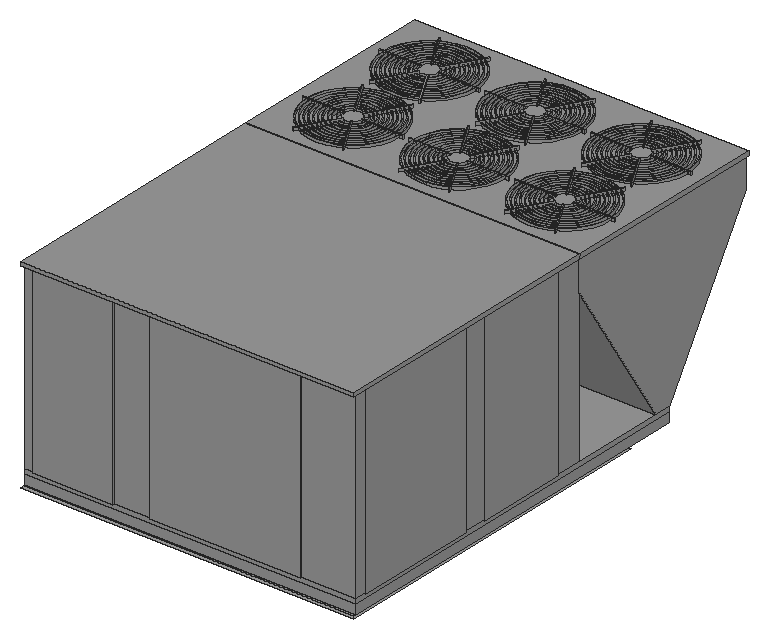
Revit family "RTU-1", category Mechanical Equipment, host Face, Revit 2025
Family settings
  Host = Face
  Round Connector Dimension = Use Diameter
  Classification = None
  Part Type = Normal
  Cut with Voids When Loaded = No
  Maintain Annotation Orientation = Yes
  Shared = No
  Room Calculation Point = No
Parameters (values of type "LCH 240 H4B K 1Y")
  URL = "https://tech.lennoxintl.com/C03e7o14l/VIu12Ch2uV/ehb_lch_cbox_2109.pdf"
  Supply Flow [instance] = 0 CFM
  Return Flow [instance] = 0 CFM
  Model = "LCH 240 H4B K 1Y"
  Material = Aluminum 1100-O
  Manufacturer = "LENNOX"
  Grill Material = Steel, Paint Finish, Dark Gray
  Default Elevation = 48"
Reference planes (in)
  plane 1 "Center (Front/Back)": y = 0
  plane 2: z = 0
  plane 3 "Center (Left/Right)": x = 0
  plane 4: z = 45.1875
  plane 5: y = 48.375
  plane 6: x = -30.90625
  plane 7: x = -31.90625
  plane 8: x = -32.90625
  plane 9: x = -33.90625
  plane 10: x = -34.90625
  plane 11: x = -35.90625
  plane 12: x = -36.90625
  plane 13: x = -37.90625
  plane 14: x = -38.90625
  plane 15: x = -39.90625
  plane 16: x = -40.90625
  plane 17: x = -42.34375
  plane 18: x = -41.03125
  plane 19: x = -14.71875
  plane 20: x = -16.03125
  plane 21: y = 52.625
  plane 22: y = 50.5
  plane 23: y = 22.25
  plane 24: y = 78.9375
  plane 25: y = 50.59375
  plane 26: through (-36.72095, 26.43528, 110.75) normal (0.5, 0.866, 0)
  plane 27: through (-34.78125, 26.83093, 110.75) normal (-0.5, -0.866, 0)
  plane 28: through (-20.34155, 26.43528, 110.75) normal (0.5, -0.866, 0)
  plane 29: through (-22.28125, 26.83093, 110.75) normal (-0.5, 0.866, 0)
  plane 30: through (-36.72095, 48.87722, 110.75) normal (-0.5, 0.866, 0)
  plane 31: through (-34.78125, 48.48157, 110.75) normal (0.5, -0.866, 0)
  plane 32: through (-20.34155, 48.87722, 110.75) normal (-0.5, -0.866, 0)
  plane 33: through (-22.28125, 48.48157, 110.75) normal (0.5, 0.866, 0)
  plane 34: x = -33.3125
  plane 35: x = 2.1875
  plane 36: y = -10.625
  plane 37: y = -10.625
  plane 38: x = -45
  plane 39: x = 45
  plane 40: y = -53.8125
Forms (in)
  Extrusion 1, solid, material "Aluminum 1100-O" <- "Material"
    sketch origin (0, 0, 0) x (1, 0, 0) y (0, 1, 0)
      loop
        line (-44.5625, 22.25) -> (-44.5625, -52.75) -> (44.5625, -52.75) -> (44.5625, 22.25) -> (-44.5625, 22.25)
    from 4.125 to 53.5625
  Extrusion 2, solid, material "Aluminum 1100-O" <- "Material"
    sketch origin (0, 0, -50.125) x (1, 0, 0) y (0, 1, 0)
      loop
        line (-44.5625, 52.75) -> (-44.5625, -52.75) -> (44.5625, -52.75) -> (44.5625, 52.75) -> (-44.5625, 52.75)
    from 53.0625 to 54.25
  Extrusion 3, solid, material "Aluminum 1100-O" <- "Material"
    sketch origin (0, 0, -51.3125) x (1, 0, 0) y (0, 1, 0)
      loop
        line (-44.5625, 52.75) -> (-44.5625, -52.75) -> (44.5625, -52.75) -> (44.5625, 52.75) -> (-44.5625, 52.75)
    from 51.6875 to 54.25
  Blend 4, solid, material "Aluminum 1100-O" <- "Material"
    base sketch origin (0, 0, 0) x (1, 0, 0) y (0, 1, 0)
      loop
        line (-45, 39.41026) -> (-45, -53.8125) -> (45, -53.8125) -> (45, 39.41026) -> (-45, 39.41026)
    top sketch origin (0, 0, 0) x (1, 0, 0) y (0, 1, 0)
      loop
        line (-44.5625, 38.91026) -> (-44.5625, -53.3125) -> (44.5625, -53.3125) -> (44.5625, 38.91026) -> (-44.5625, 38.91026)
    from 0 to 0.375
  Extrusion 5, solid, material "Aluminum 1100-O" <- "Material"
    sketch origin (0, 0, 0) x (0, 1, 0) y (0, 0, 1)
      loop
        line (48.375, 4.125) -> (52.625, 4.125) -> (78.75, 45.1875) -> (78.75, 53.5625) -> (22.25, 53.5625) -> (22.25, 45.1875) -> (48.375, 4.125)
    from -44.5625 to 44.5625
  Extrusion 6, solid, material "Aluminum 1100-O" <- "Material"
    sketch origin (0, 0, 0) x (1, 0, 0) y (0, 1, 0)
      loop
        line (-45, 22.25) -> (-45, -53.8125) -> (45, -53.8125) -> (45, 22.25) -> (-45, 22.25)
    from 53.5625 to 54.625
  Extrusion 7, solid, material "Aluminum 1100-O" <- "Material"
    sketch origin (0, 75.3125, 0) x (1, 0, 0) y (0, 1, 0)
      loop
        line (-45, 3.625) -> (-45, -53.0625) -> (45, -53.0625) -> (45, 3.625) -> (-45, 3.625)
    from 53.5625 to 54.625
  Extrusion 8, solid, material "Steel, Paint Finish, Dark Gray" <- "Grill Material", not visible
    sketch origin (0, 0, 54.625) x (1, 0, 0) y (0, 1, 0)
      loop
        circle (-28.53125, 37.65625) r 2.375
      loop
        circle (-28.53125, 37.65625) r 3.375
      loop
        circle (-28.53125, 37.65625) r 3.5
      loop
        circle (-28.53125, 37.65625) r 4.375
      loop
        circle (-28.53125, 37.65625) r 5.25
      loop
        circle (-28.53125, 37.65625) r 4.5
      loop
        circle (-28.53125, 37.65625) r 5.375
      loop
        circle (-28.53125, 37.65625) r 6.375
      loop
        circle (-28.53125, 37.65625) r 7.375
      loop
        circle (-28.53125, 37.65625) r 9.375
      loop
        circle (-28.53125, 37.65625) r 10.375
      loop
        circle (-28.53125, 37.65625) r 11.375
      loop
        circle (-28.53125, 37.65625) r 12.375
      loop
        circle (-28.53125, 37.65625) r 12.5
      loop
        circle (-28.53125, 37.65625) r 7.5
      loop
        circle (-28.53125, 37.65625) r 9.5
      loop
        circle (-28.53125, 37.65625) r 10.5
      loop
        circle (-28.53125, 37.65625) r 11.5
      loop
        circle (-28.53125, 37.65625) r 8.375
      loop
        circle (-28.53125, 37.65625) r 8.5
      loop
        circle (-28.53125, 37.65625) r 6.5
    from 0 to 0.625
  Extrusion 9, solid, material "Steel, Paint Finish, Dark Gray" <- "Grill Material", not visible
    sketch origin (0, 0, 55.75) x (1, 0, 0) y (0, 1, 0)
      loop
        line (-42.34375, 37.78125) -> (-42.34375, 37.53125) -> (-30.90296, 37.53125)
        arc (-30.90296, 37.53125) -> (-30.90543, 37.59373) -> (-30.90625, 37.65625) r 2.375
        arc (-30.90625, 37.65625) -> (-30.90543, 37.71877) -> (-30.90296, 37.78125) r 2.375
        line (-30.90296, 37.78125) -> (-42.34375, 37.78125)
    from -1.125 to -0.3427
  Extrusion 10, solid, material "Steel, Paint Finish, Dark Gray" <- "Grill Material", not visible
    sketch origin (-57.0625, 0, 55.75) x (-1, 0, 0) y (0, -1, 0)
      loop
        line (-42.34375, -37.78125) -> (-30.90296, -37.78125)
        arc (-30.90296, -37.78125) -> (-30.90543, -37.71877) -> (-30.90625, -37.65625) r 2.375
        arc (-30.90625, -37.65625) -> (-30.90543, -37.59373) -> (-30.90296, -37.53125) r 2.375
        line (-30.90296, -37.53125) -> (-42.34375, -37.53125) -> (-42.34375, -37.78125)
    from -1.125 to -0.3427
  Extrusion 11, void
    sketch origin (0, 0, 0) x (1, 0, 0) y (0, 1, 0)
      loop
        line (-40.75, 19.4375) -> (-40.75, -40.5625) -> (-25.75, -40.5625) -> (-25.75, 19.4375) -> (-40.75, 19.4375)
      loop
        line (12.25, -40.5625) -> (12.25, 19.4375) -> (-7.75, 19.4375) -> (-7.75, -40.5625) -> (12.25, -40.5625)
      loop
        line (33.0625, -44.8125) -> (33.0625, -49.8125) -> (41.0625, -49.8125) -> (41.0625, -44.8125) -> (33.0625, -44.8125)
    from 0 to 12
  Extrusion 12, solid, material "Steel, Paint Finish, Dark Gray" <- "Grill Material", not visible
    sketch origin (-69.2853, 7.05684, 55.75) x (0.5, -0.866025, 0) y (0.866025, 0.5, 0)
      loop
        line (0.67515, 38.56927) -> (0.89166, 38.69427) -> (-4.82874, 48.60229)
        arc (-4.82874, 48.60229) -> (-4.88161, 48.56891) -> (-4.93534, 48.53694) r 2.375
        arc (-4.93534, 48.53694) -> (-4.9899, 48.50639) -> (-5.04524, 48.47729) r 2.375
        line (-5.04524, 48.47729) -> (0.67515, 38.56927)
    from -1.125 to -0.3427
  Extrusion 13, solid, material "Steel, Paint Finish, Dark Gray" <- "Grill Material", not visible
    sketch origin (12.2228, 7.05684, 55.75) x (-0.5, -0.866025, 0) y (0.866025, -0.5, 0)
      loop
        line (0.67515, -48.47729) -> (-5.04524, -48.47729)
        arc (-5.04524, -48.47729) -> (-4.9899, -48.50639) -> (-4.93534, -48.53694) r 2.375
        arc (-4.93534, -48.53694) -> (-4.88161, -48.56891) -> (-4.82874, -48.60229) r 2.375
        line (-4.82874, -48.60229) -> (0.67515, -48.60229) -> (0.67515, -48.47729)
    from -1.125 to -0.3427
  Extrusion 14, solid, material "Steel, Paint Finish, Dark Gray" <- "Grill Material", not visible
    sketch origin (-69.2853, 120.00566, 55.75) x (0.5, 0.866025, 0) y (-0.866025, 0.5, 0)
      loop
        line (-44.14166, -74.35229) -> (-49.86206, -74.35229)
        arc (-49.86206, -74.35229) -> (-49.80671, -74.38139) -> (-49.75216, -74.41194) r 2.375
        arc (-49.75216, -74.41194) -> (-49.69842, -74.44391) -> (-49.64555, -74.47729) r 2.375
        line (-49.64555, -74.47729) -> (-44.14166, -74.47729) -> (-44.14166, -74.35229)
    from -1.125 to -0.3427
  Extrusion 15, solid, material "Steel, Paint Finish, Dark Gray" <- "Grill Material", not visible
    sketch origin (12.2228, 120.00566, 55.75) x (-0.5, 0.866025, 0) y (-0.866025, -0.5, 0)
      loop
        line (-44.14166, 64.44427) -> (-43.92515, 64.56927) -> (-49.64555, 74.47729)
        arc (-49.64555, 74.47729) -> (-49.69842, 74.44391) -> (-49.75216, 74.41194) r 2.375
        arc (-49.75216, 74.41194) -> (-49.80671, 74.38139) -> (-49.86206, 74.35229) r 2.375
        line (-49.86206, 74.35229) -> (-44.14166, 64.44427)
    from -1.125 to -0.3427
Cuts and joins
  Extrusion 11 cuts Extrusion 2
  Extrusion 11 cuts Extrusion 3
  Extrusion 11 cuts Blend 4
  Extrusion 11 cuts Extrusion 1
Dimensions and locks (in)
  equal spacing: Extrusion 1 sketch curve, plane 3 "Center (Left/Right)", Extrusion 1 sketch curve
  plane 3 "Center (Left/Right)" to Extrusion 1 sketch curve = 44 9/16"
  Extrusion 1 sketch curve to Extrusion 1 sketch curve = 89 1/8"
  plane 1 "Center (Front/Back)" to Extrusion 1 sketch curve = 52 3/4"
  Extrusion 1 sketch curve to Extrusion 1 sketch curve = 75"
  Extrusion 1 to nested 1 = 3 1/8"  (x2)
  nested 1 to nested 2 = 6 3/8"
  Extrusion 2 sketch curve to Extrusion 2 sketch curve = 89 1/8"  (x2)
  Extrusion 2 sketch curve to Extrusion 2 sketch curve = 105 1/2"  (x2)
  Extrusion 3 sketch curve to Extrusion 3 sketch curve = 89 1/8"  (x2)
  Extrusion 3 sketch curve to Extrusion 3 sketch curve = 105 1/2"  (x2)
  nested 1 to nested 1 = 33 1/2"
  Extrusion 6 to Extrusion 11 sketch curve = 4 1/4"
  Extrusion 11 sketch curve to Extrusion 6 = 13 1/4"
  Extrusion 11 sketch curve to Extrusion 11 sketch curve = 60"
  plane 23 to Extrusion 6 = 76 1/16"
  plane 24 to Extrusion 6 = 132 3/4"
  equal spacing: plane 24, plane 25, plane 23
  cut or joined group of Extrusion 1, Extrusion 11 to plane 34 to cut or joined group of Extrusion 1, Extrusion 11 = 7 7/16", 7 9/16"
  plane 35 to cut or joined group of Extrusion 1, Extrusion 11 = 10 1/16"
  equal spacing: plane 38, plane 3 "Center (Left/Right)", plane 39
  plane 3 "Center (Left/Right)" to plane 39 = 45"
  plane 24 to plane 40 = 132 3/4"
  aligned and locked: host face to plane 2
  aligned and locked: host face to level
Automatic sketch dimensions
  host sketch curve to host sketch curve = 306.31449"
  host sketch curve to host sketch curve = 326.2252"
  plane 1 "Center (Front/Back)" to Extrusion 2 sketch curve = 52 3/4"
  plane 1 "Center (Front/Back)" to Extrusion 3 sketch curve = 52 3/4"
  Extrusion 5 sketch curve to plane 4 = 0"
  Extrusion 5 sketch curve to plane 23 = 0"
  Extrusion 5 sketch curve to plane 5 = 0"
  Extrusion 5 sketch curve to plane 21 = 0"
  plane 4 to Extrusion 5 sketch curve = 0"
  Extrusion 5 sketch curve to plane 24 = 3/16"
  level to Extrusion 5 sketch curve = 4 1/8"
  Extrusion 5 sketch curve to Extrusion 5 sketch curve = 8 3/8"
  Extrusion 11 sketch curve to plane 23 = 2 13/16"
  Extrusion 11 sketch curve to Extrusion 11 sketch curve = 20 13/16"
  Extrusion 11 sketch curve to Extrusion 11 sketch curve = 8"
  Extrusion 11 sketch curve to Extrusion 11 sketch curve = 4 1/4"
  Extrusion 11 sketch curve to Extrusion 11 sketch curve = 5"
  Extrusion 8 sketch curve to Extrusion 8 sketch curve = 0"  (x250)
  Extrusion 9 sketch curve to plane 17 = 0"
  Extrusion 10 sketch curve to plane 19 = 0"
  Extrusion 8 sketch curve to plane 6 = 2 3/8"
  Extrusion 9 sketch curve to Extrusion 9 sketch curve = 0"  (x4)
  Extrusion 9 sketch curve to plane 18 = 10.12829"
  Extrusion 9 sketch curve to Extrusion 9 sketch curve = 2.37171"
  Extrusion 10 sketch curve to Extrusion 10 sketch curve = 0"  (x4)
  Extrusion 10 sketch curve to plane 20 = 10.12829"
  Extrusion 10 sketch curve to Extrusion 10 sketch curve = 2.37171"
  Extrusion 12 sketch curve to Extrusion 12 sketch curve = 0"  (x4)
  Extrusion 12 sketch curve to plane 27 = 10.12829"
  Extrusion 13 sketch curve to Extrusion 13 sketch curve = 0"  (x4)
  Extrusion 13 sketch curve to plane 29 = 10.12829"
  Extrusion 14 sketch curve to Extrusion 14 sketch curve = 0"  (x4)
  Extrusion 14 sketch curve to plane 31 = 10.12829"
  Extrusion 15 sketch curve to Extrusion 15 sketch curve = 0"  (x4)
  Extrusion 15 sketch curve to plane 33 = 10.12829"
  Extrusion 9 sketch curve to Extrusion 9 sketch curve = 1/8"
  Extrusion 10 sketch curve to Extrusion 10 sketch curve = 1/8"
  Extrusion 2 sketch curve to plane 3 "Center (Left/Right)" = 44 9/16"
  Extrusion 3 sketch curve to plane 3 "Center (Left/Right)" = 44 9/16"
  Extrusion 12 sketch curve to Extrusion 12 sketch curve = 1.0776"
  Extrusion 12 sketch curve to Extrusion 12 sketch curve = 0.21651"
  Extrusion 12 sketch curve to Extrusion 12 sketch curve = 9.96767"
  Extrusion 13 sketch curve to Extrusion 13 sketch curve = 1.0776"
  Extrusion 13 sketch curve to Extrusion 13 sketch curve = 0.21651"
  Extrusion 13 sketch curve to Extrusion 13 sketch curve = 0.06535"
  Extrusion 14 sketch curve to Extrusion 14 sketch curve = 1.0776"
  Extrusion 14 sketch curve to Extrusion 14 sketch curve = 0.21651"
  Extrusion 14 sketch curve to Extrusion 14 sketch curve = 0.06535"
  Extrusion 15 sketch curve to Extrusion 15 sketch curve = 1.0776"
  Extrusion 15 sketch curve to Extrusion 15 sketch curve = 0.21651"
  Extrusion 15 sketch curve to Extrusion 15 sketch curve = 9.96767"
  Extrusion 11 sketch curve to Extrusion 11 sketch curve = 15"
  plane 3 "Center (Left/Right)" to Extrusion 11 sketch curve = 12 1/4"
  Extrusion 11 sketch curve to plane 3 "Center (Left/Right)" = 7 3/4"
  Extrusion 11 sketch curve to Extrusion 11 sketch curve = 0"
  plane 38 to Blend 4 sketch curve = 7/16"
  plane 39 to Blend 4 sketch curve = 7/16"
  plane 40 to Blend 4 sketch curve = 1/2"
  Blend 4 sketch curve to plane 25 = 11.68349"
  Blend 4 sketch curve to plane 38 = 0"
  Blend 4 sketch curve to plane 39 = 0"
  Blend 4 sketch curve to plane 40 = 0"
  Blend 4 sketch curve to plane 25 = 11.18349"
  Extrusion 6 sketch curve to plane 38 = 0"
  Extrusion 6 sketch curve to plane 39 = 0"
  Extrusion 6 sketch curve to plane 40 = 0"
  Extrusion 6 sketch curve to plane 23 = 0"
  Extrusion 7 sketch curve to plane 23 = 0"
  Extrusion 7 sketch curve to plane 38 = 0"
  Extrusion 7 sketch curve to plane 39 = 0"
  Extrusion 7 sketch curve to plane 24 = 0"
  radius of Extrusion 8 sketch curve = 2 3/8"
  radius of Extrusion 8 sketch curve = 3 3/8"
  radius of Extrusion 8 sketch curve = 3 1/2"
  radius of Extrusion 8 sketch curve = 4 3/8"
  radius of Extrusion 8 sketch curve = 5 1/4"
  radius of Extrusion 8 sketch curve = 4 1/2"
  radius of Extrusion 8 sketch curve = 5 3/8"
  radius of Extrusion 8 sketch curve = 6 3/8"
  radius of Extrusion 8 sketch curve = 7 3/8"
  radius of Extrusion 8 sketch curve = 9 3/8"
  radius of Extrusion 8 sketch curve = 10 3/8"
  radius of Extrusion 8 sketch curve = 11 3/8"
  radius of Extrusion 8 sketch curve = 12 3/8"
  radius of Extrusion 8 sketch curve = 12 1/2"
  radius of Extrusion 8 sketch curve = 7 1/2"
  radius of Extrusion 8 sketch curve = 9 1/2"
  radius of Extrusion 8 sketch curve = 10 1/2"
  radius of Extrusion 8 sketch curve = 11 1/2"
  radius of Extrusion 8 sketch curve = 8 3/8"
  radius of Extrusion 8 sketch curve = 8 1/2"
  radius of Extrusion 8 sketch curve = 6 1/2"
Nested families (in)
  nested 1: "Panel" at (44.5625, -32.875, 28.84375) x (0, 1, 0) z (1, 0, 0), type "Panel"
    with Width 33 1/2", Length 49 7/16"
  nested 2: "Panel" at (44.5625, 2.6875, 28.84375) x (0, 1, 0) z (1, 0, 0), type "Panel"
    with Width 24 7/8", Length 49 7/16"
  nested 3: "Panel" at (-44.5625, -32.875, 28.84375) x (0, 1, 0) z (-1, 0, 0), type "Panel"
    with Width 33 1/2", Length 49 7/16"
  nested 4: "Panel" at (-44.5625, 2.6875, 28.84375) x (0, 1, 0) z (-1, 0, 0), type "Panel"
    with Width 24 7/8", Length 49 7/16"
  nested 5: "Panel" at (-31.46875, -52.75, 28.84375) x (1, 0, 0) z (0, -1, 0), type "Panel"
    with Width 21 9/16", Length 49 7/16"
  nested 6: "Panel" at (9.46875, -52.75, 28.84375) x (1, 0, 0) z (0, -1, 0), type "Panel"
    with Width 40 11/16", Length 49 7/16"
  nested 7: "Family1" at (-28.53125, 37.65625, 54.625), type "Family1"
  nested 8: "Family1" at (-28.53125, 63.4375, 54.625), type "Family1"
  nested 9: "Family1" at (0, 63.4375, 54.625), type "Family1"
  nested 10: "Family1" at (0, 37.65625, 54.625), type "Family1"
  nested 11: "Family1" at (28.5625, 37.65625, 54.625), type "Family1"
  nested 12: "Family1" at (28.5625, 63.4375, 54.625), type "Family1"
Connectors (in)
  hvac at (-33.25, -10.5625, 12), driven by "Return Flow"
    settings: on cut or joined group of Extrusion 1, Extrusion 11, index 1, duct flow 0 CFM, flow factor 0, pres drop 0.00 in-wg, loss coef 0, conn angle 0.00°, conn width 60", conn height 15", conn diameter 24", duct sys type 2, conn prof type 1, flow config 0, flow direction 1, loss method 4, conn ref index -1, conn util no, is conn primary no, conn desc "return"
  hvac at (2.25, -10.5625, 12), driven by "Supply Flow"
    settings: on cut or joined group of Extrusion 1, Extrusion 11, index 2, duct flow 0 CFM, flow factor 0, pres drop 0.00 in-wg, loss coef 0, conn angle 0.00°, conn width 60", conn height 20", conn diameter 24", duct sys type 1, conn prof type 1, flow config 0, flow direction 2, loss method 4, conn ref index -1, conn util no, is conn primary yes, conn desc "supply"
Definition of nested family "Panel"
  Parameters (values of type "Panel")
    Width [instance] = 21 9/16"
    Material = none
    Length [instance] = 49 7/16"
    Default Elevation = 48"
  Reference planes (in)
    plane 1 "Center (Front/Back)": y = 0
    plane 2: z = 0
    plane 3 "Center (Left/Right)": x = 0
    plane 4: z = 0.25
    plane 5: x = -10.78125
    plane 6: x = 10.78125
    plane 7: y = 24.71875
    plane 8: y = -24.71875
  Forms (in)
    Extrusion 1, solid
      sketch origin (0, 0, 0) x (1, 0, 0) y (0, 1, 0)
        loop
          line (-48, 48) -> (-48, -48) -> (48, -48) -> (48, 48) -> (-48, 48)
      from 0 to -12
    Extrusion 2, solid, material <- "Material"
      sketch origin (0, 0, 0) x (1, 0, 0) y (0, 1, 0)
        loop
          line (-10.78125, 24.71875) -> (-10.78125, -24.71875) -> (10.78125, -24.71875) -> (10.78125, 24.71875) -> (-10.78125, 24.71875)
      from 0 to 0.25
  Dimensions and locks (in)
    plane 4 to plane 2 = 1/4"
    equal spacing: plane 5, plane 3 "Center (Left/Right)", plane 6
    equal spacing: plane 7, plane 1 "Center (Front/Back)", plane 8
    "Length": plane 7 to plane 8
    "Width": plane 5 to plane 6
    aligned and locked: plane 2 to Extrusion 1
    aligned and locked: level to Extrusion 1
    aligned and locked: plane 4 to Extrusion 2
    aligned and locked: Extrusion 2 to plane 6
    aligned and locked: Extrusion 2 to plane 5
    aligned and locked: plane 8 to Extrusion 2
    aligned and locked: plane 7 to Extrusion 2
  Automatic sketch dimensions
    Extrusion 1 sketch curve to Extrusion 1 sketch curve = 96"  (x2)
    plane 5 to Extrusion 2 sketch curve = 0"
    Extrusion 2 sketch curve to plane 6 = 0"
    plane 1 "Center (Front/Back)" to Extrusion 2 sketch curve = 24 23/32"
    Extrusion 2 sketch curve to plane 1 "Center (Front/Back)" = 24 23/32"
Definition of nested family "Family1"
  Parameters
    Grill Material = none
    Default Elevation = 48"
  Reference planes (in)
    plane 1 "Center (Front/Back)": y = 0
    plane 2: z = 0
    plane 3 "Center (Left/Right)": x = 0
    plane 4: x = -2.375
    plane 5: x = -3.375
    plane 6: x = -4.375
    plane 7: x = -5.375
    plane 8: x = -6.375
    plane 9: x = -7.375
    plane 10: x = -8.375
    plane 11: x = -9.375
    plane 12: x = -10.375
    plane 13: x = -11.375
    plane 14: x = -12.375
    plane 15: x = -13.50144
    plane 16: x = -12.18894
    plane 17: x = -12.49937
    plane 18: through (-5.46727, 12.43359, 1.5) normal (0.5, -0.866, 0)
    plane 19: through (-6.09447, 10.55593, 1.5) normal (-0.5, 0.866, 0)
    plane 20: through (8.03417, 10.95159, 1.5) normal (-0.5, -0.866, 0)
    plane 21: through (6.09447, 10.55593, 1.5) normal (0.5, 0.866, 0)
    plane 22: through (-5.46727, -12.43359, 1.5) normal (-0.5, -0.866, 0)
    plane 23: through (-6.09447, -10.55593, 1.5) normal (0.5, 0.866, 0)
    plane 24: through (8.03417, -10.95159, 1.5) normal (0.5, -0.866, 0)
    plane 25: through (6.09447, -10.55593, 1.5) normal (-0.5, 0.866, 0)
    plane 26: x = 13.50144
    plane 27: x = 12.18894
  Forms (in)
    Extrusion 1, solid
      sketch origin (0, 0, 0) x (1, 0, 0) y (0, 1, 0)
        loop
          line (-48, 48) -> (-48, -48) -> (48, -48) -> (48, 48) -> (-48, 48)
      from 0 to -12
    Extrusion 2, solid, material <- "Grill Material"
      sketch origin (28.53125, -37.65625, 0) x (1, 0, 0) y (0, 1, 0)
        loop
          circle (-28.53125, 37.65625) r 2.375
        loop
          circle (-28.53125, 37.65625) r 3.375
        loop
          circle (-28.53125, 37.65625) r 3.5
        loop
          circle (-28.53125, 37.65625) r 4.375
        loop
          circle (-28.53125, 37.65625) r 5.25
        loop
          circle (-28.53125, 37.65625) r 4.5
        loop
          circle (-28.53125, 37.65625) r 5.375
        loop
          circle (-28.53125, 37.65625) r 6.375
        loop
          circle (-28.53125, 37.65625) r 7.375
        loop
          circle (-28.53125, 37.65625) r 9.375
        loop
          circle (-28.53125, 37.65625) r 10.375
        loop
          circle (-28.53125, 37.65625) r 11.375
        loop
          circle (-28.53125, 37.65625) r 12.375
        loop
          circle (-28.53125, 37.65625) r 12.5
        loop
          circle (-28.53125, 37.65625) r 7.5
        loop
          circle (-28.53125, 37.65625) r 9.5
        loop
          circle (-28.53125, 37.65625) r 10.5
        loop
          circle (-28.53125, 37.65625) r 11.5
        loop
          circle (-28.53125, 37.65625) r 8.375
        loop
          circle (-28.53125, 37.65625) r 8.5
        loop
          circle (-28.53125, 37.65625) r 6.5
      from 0 to 0.625
    Extrusion 3, solid, material <- "Grill Material"
      sketch origin (-91.38265, -5.88066, 1.125) x (-0.5, -0.866025, 0) y (0.866025, -0.5, 0)
        loop
          line (-44.14269, 64.44607) -> (-43.92619, 64.57107) -> (-49.49111, 74.20979)
          arc (-49.49111, 74.20979) -> (-49.52878, 74.18662) -> (-49.56687, 74.16415) r 2.375
          arc (-49.56687, 74.16415) -> (-49.63756, 74.12493) -> (-49.70954, 74.08813) r 2.375
          line (-49.70954, 74.08813) -> (-44.14269, 64.44607)
      from -1.125 to -0.3427
    Extrusion 4, solid, material <- "Grill Material"
      sketch origin (-50.78413, 76.19937, 1.125) x (-1, 0, 0) y (0, -1, 0)
        loop
          line (-44.14269, 64.44607) -> (-43.92619, 64.57107) -> (-49.49111, 74.20979)
          arc (-49.49111, 74.20979) -> (-49.52878, 74.18662) -> (-49.56687, 74.16415) r 2.375
          arc (-49.56687, 74.16415) -> (-49.63756, 74.12493) -> (-49.70954, 74.08813) r 2.375
          line (-49.70954, 74.08813) -> (-44.14269, 64.44607)
      from -1.125 to -0.3427
    Extrusion 5, solid, material <- "Grill Material"
      sketch origin (40.59852, 82.08003, 1.125) x (-0.5, 0.866025, 0) y (-0.866025, -0.5, 0)
        loop
          line (-44.14269, 64.44607) -> (-43.92619, 64.57107) -> (-49.49111, 74.20979)
          arc (-49.49111, 74.20979) -> (-49.52878, 74.18662) -> (-49.56687, 74.16415) r 2.375
          arc (-49.56687, 74.16415) -> (-49.63756, 74.12493) -> (-49.70954, 74.08813) r 2.375
          line (-49.70954, 74.08813) -> (-44.14269, 64.44607)
      from -1.125 to -0.3427
    Extrusion 6, solid, material <- "Grill Material"
      sketch origin (-50.78413, -76.19937, 1.125) x (-1, 0, 0) y (0, -1, 0)
        loop
          line (-44.14269, -64.44607) -> (-49.70954, -74.08813)
          arc (-49.70954, -74.08813) -> (-49.63756, -74.12493) -> (-49.56687, -74.16415) r 2.375
          arc (-49.56687, -74.16415) -> (-49.52878, -74.18662) -> (-49.49111, -74.20979) r 2.375
          line (-49.49111, -74.20979) -> (-43.92619, -64.57107) -> (-44.14269, -64.44607)
      from -1.125 to -0.3427
    Extrusion 7, solid, material <- "Grill Material"
      sketch origin (40.59852, -82.08003, 1.125) x (-0.5, -0.866025, 0) y (0.866025, -0.5, 0)
        loop
          line (-44.14269, -64.44607) -> (-49.70954, -74.08813)
          arc (-49.70954, -74.08813) -> (-49.63756, -74.12493) -> (-49.56687, -74.16415) r 2.375
          arc (-49.56687, -74.16415) -> (-49.52878, -74.18662) -> (-49.49111, -74.20979) r 2.375
          line (-49.49111, -74.20979) -> (-43.92619, -64.57107) -> (-44.14269, -64.44607)
      from -1.125 to -0.3427
    Extrusion 8, solid, material <- "Grill Material"
      sketch origin (91.38265, -5.88066, 1.125) x (0.5, -0.866025, 0) y (0.866025, 0.5, 0)
        loop
          line (-44.14269, -64.44607) -> (-49.70954, -74.08813)
          arc (-49.70954, -74.08813) -> (-49.63756, -74.12493) -> (-49.56687, -74.16415) r 2.375
          arc (-49.56687, -74.16415) -> (-49.52878, -74.18662) -> (-49.49111, -74.20979) r 2.375
          line (-49.49111, -74.20979) -> (-43.92619, -64.57107) -> (-44.14269, -64.44607)
      from -1.125 to -0.3427
    Extrusion 9, void
      sketch origin (0, 0, 0) x (1, 0, 0) y (0, 1, 0)
        loop
          circle (0, 0) r 12.5
      from 0 to -3.72609
  Cuts and joins
    Extrusion 9 cuts Extrusion 2
    Extrusion 9 cuts Extrusion 3
    Extrusion 9 cuts Extrusion 4
    Extrusion 9 cuts Extrusion 5
    Extrusion 9 cuts Extrusion 6
    Extrusion 9 cuts Extrusion 7
    Extrusion 9 cuts Extrusion 8
  Dimensions and locks (in)
    aligned and locked: plane 2 to Extrusion 1
    aligned and locked: level to Extrusion 1
